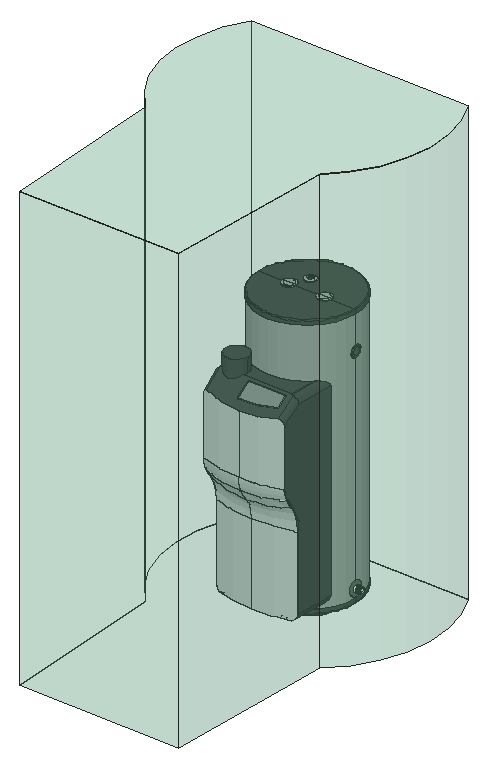
Revit family "Innovo NL_IR 32 380 NL LP", category Mechanical Equipment, Revit 2015
Parameters (values of type "IR-32-380 NL LP")
  Werkruimte Radius = Diameter + 170 mm  # 730 mm
  Werkruimte Hoogte = Hoogte + 1000 mm  # 2545 mm
  Werkruimte Afstand Voor = 1000 mm
  Werkruimte [instance] = yes
  Voorzorgsmaatregelen tijdens montage, installatie of onderhoud = "zie Gebruikers, Installatie, Service en Onderhouds handleiding"  # constant formula
  Voltage = 230 V  # constant formula
  Verpakkingslengte = 946 mm  # constant formula
  Verpakkingshoogte = 1695 mm
  Verpakkingsbreedte = 786 mm  # constant formula
  Uitsluitend werkend in daluren = no
  Type aanduiding = "IR-12-200"
  Transportgewicht = 122 kg
  Totaal Gewicht = 322 kg
  Stilstandsverlies - dagelijks (24u) = 0 W
  Stilstandsverlies = 0 W
  Standaard Afgesteld op = "G30/G31"
  Stand Regelthermostaat = 65 °C  # constant formula
  Soort Verpakking = "Karton en Hout"  # constant formula
  Slimme controlefunctie = no
  Setpoint thermostaat = 65 °C  # constant formula
  Seizoens Rendement (Hs) = [Rendement (Hs, vlgs. NEN-EN 89 - 1999)]  # 98
  Rendement (Hs, vlgs. NEN-EN 89 - 1999) = 98
  Rendement (Hi, vlgs. NEN-EN 89 - 1999) = 109
  Produktspecificaties Link = ""
  Produkthandleiding Link = ""
  Produkt Model Nummer (EAN-nummer) = "8717449283896"
  Onderhoudsinterval = "12 maanden"  # constant formula
  Nominale Belasting (Onderwaarde) = "12400.0/10900.0"
  Nominale Belasting (Bovenwaarde) = "13400.0/11800.0"
  Nominaal Vermogen = "13200.0/11600.0"
  NOx-uitstoot mg/kWh = "38.0/23.0"
  NOx-uitstoot (lucht vrij, 0% O2) ppm = "23.0/14.0"
  Min. Stand Regelthermostaat = 40 °C  # constant formula
  Max. Werkdruk = 800000.0 Pa
  Max. Stand Regelthermostaat = 85 °C  # constant formula
  Max. Rookgastemperatuur = 45 °C
  Ledig Gewicht = 106 kg
  Kraan Hoogte 02 = if(and(Hoogte = 1745 mm, Diameter = 675 mm), 1518 mm, if(and(Hoogte = 1745 mm, Diameter = 610 mm), 1534 mm, if(Hoogte = 1545 mm, 1328 mm, 1070 mm)))  # 1328 mm
  Kraan Hoogte 01 = if(and(Diameter > 560 mm), 693 mm, 604 mm)  # 604 mm
  Uitschakeldruk LDS < = 115.0 Pa
  URL = "www.aosmith.nl"
  Tapcapaciteit bij ΔT = 70°C  na 90 min. = 350.0 L
  Tapcapaciteit bij ΔT = 70°C  na 60 min. = 270.0 L
  Tapcapaciteit bij ΔT = 70°C  na 30 min. = 200.0 L
  Tapcapaciteit bij ΔT = 70°C  na 120 min. = 420.0 L
  Tapcapaciteit bij ΔT = 55°C  na 90 min. = 460.0 L
  Tapcapaciteit bij ΔT = 55°C  na 60 min. = 370.0 L
  Tapcapaciteit bij ΔT = 55°C  na 30 min. = 270.0 L
  Tapcapaciteit bij ΔT = 55°C  na 120 min. = 560.0 L
  Tapcapaciteit bij ΔT = 50°C  na 90 min. = 510.0 L
  Tapcapaciteit bij ΔT = 50°C  na 60 min. = 410.0 L
  Tapcapaciteit bij ΔT = 50°C  na 30 min. = 310.0 L
  Tapcapaciteit bij ΔT = 50°C na 120 min. = 610.0 L
  Tapcapaciteit bij ΔT = 44°C na 120 min. = 590.0 L
  Tapcapaciteit bij ΔT = 44°C  na 90 min. = 470.0 L
  Tapcapaciteit bij ΔT = 44°C  na 60 min. = 360.0 L
  Tapcapaciteit bij ΔT = 44°C  na 30 min. = 710.0 L
  Tapcapaciteit bij ΔT = 28°C na 90 min. = 950.0 L
  Tapcapaciteit bij ΔT = 28°C na 60 min. = 760.0 L
  Tapcapaciteit bij ΔT = 28°C na 30 min. = 580.0 L
  Tapcapaciteit bij ΔT = 28°C na 120 min. = 1200.0 L
  Tapcapaciteit Continu bij ΔT = 70°C = 150.0 L/s
  Tapcapaciteit Continu bij ΔT = 55°C = 190.0 L/s
  Tapcapaciteit Continu bij ΔT = 50°C = 210.0 L/s
  Tapcapaciteit Continu bij ΔT = 44°C = 240.0 L/s
  Tapcapaciteit Continu bij ΔT = 28°C = 370.0 L/s
  Opwarmtijd bij ΔT = 70°C = "65"
  Opwarmtijd bij ΔT = 55°C = "52"
  Opwarmtijd bij ΔT = 50°C = "47"
  Opwarmtijd bij ΔT = 44°C = "41"
  Opwarmtijd bij ΔT = 28°C = "27"
  Model = "IR-12-200 NL LP"
  Manufacturer = "A.O. Smith Water Products Company b.v."  # constant formula
  Length = 780 mm  # constant formula
  Jaarlijks elektriciteitsverbruik (2) = "-"
  Jaarlijks elektriciteitsverbruik (1) = "40 kWh"
  Jaarlijks brandstofverbruik (2) = "-"
  Jaarlijks brandstofverbruik (1) = "16 GJ GCV"
  Isolatiedikte = 50 mm
  Installatie Typen = "B23/C13/C33/C43/C53/C63"  # constant formula
  Inhoud = 200.0 L
  Hoogte Warm Water Uitlaat = 1545 mm
  Hoogte Rookgasafvoer = 1305 mm
  Hoogte Lucht Inlaat = 1305 mm
  Hoogte Koud Water Inlaat = 170 mm
  Hoogte Gas Aansluiting = 860 mm
  Hoogte = 1545 mm
  Handelsmerk = "A.O. Smith"  # constant formula
  Geluidsniveau dB (A) = "<45"  # constant formula
  Geluidsniveau binnen = "41 dB"
  Gasverbruik - Volume ltr/hr = "n.v.t."
  Gasverbruik - Massa kg/h = "1.00/0.80"
  Gascategorie = "II2EK3B/P"  # constant formula
  Gas Voordruk = 5000.0 Pa
  Gas Aansluiting = 15"  # constant formula
  Garrantie op Tank = "36 maanden"  # constant formula
  Garrantie op Onderdelen = "12 maanden"  # constant formula
  Frequentie = 50 Hz  # constant formula
  Fase = 1
  Fabrikantnummer = "E 7110"  # constant formula
  Energie-efficiëntieklasse voor waterverwarming (2) = "-"
  Energie-efficiëntieklasse voor waterverwarming (1) = "A"  # constant formula
  Energie-efficiëntie voor waterverwarming (2) = "-"
  Energie-efficiëntie voor waterverwarming (1) = "94%"
  Elektrisch Vermogen (piek) = 85 W
  Elektrisch Vermogen (nominaal) = 25 W
  Diameter Schoorsteen - parallel systeem = "2x80"  # constant formula
  Diameter Schoorsteen - concentrisch systeem = "80/125 mm/mm"  # constant formula
  Diameter Schoorsteen - boiler = "80/125 mm/mm"  # constant formula
  Diameter = 560 mm
  Description = "Condenserende Hoog Rendementsboiler"  # constant formula
  Created By = "http://www.cadcompany.nl/"
  Capaciteitsprofiel = "XL"
  CO2-uitstoot (tol. +/- 1.0) vol% = "11.8/10.0"
  CE-PIN = "0063CQ3037"  # constant formula
  Breedte = Diameter  # 560 mm
  Bestemming / Land = "Nederland"  # constant formula
  BIM Content Developer = "CAD & Company"  # constant formula
  Assembly Code = "D3010"
  Ander capaciteitsprofiel = "-"
  Aansluiting Warm Water = 3/4"
  Aansluiting T&P = 3/4"
  Aansluiting Koud Water = 3/4"  # constant formula
  Aansluiting Condensafvoer = 40 mm  # constant formula
  Aansluiting Aftapkraan = 3/4"  # constant formula
  2e Onderhoud (algeheel onderhoud) = "12 maanden na installatie"  # constant formula
  1e Onderhoud (check-up) = "3 maanden na installatie"  # constant formula
Reference planes
  plane 1 "Center (Front/Back)": y = 0
  plane 2: z = 0
  plane 3 "Center (Left/Right)": x = 0
  plane 4 "Pipe": through (-383.901, 912.349, 194.799) normal (-0.0879, -0.0879, 0.9923)
  plane 5 "footing": y = 118.925
  plane 6 "footing front": y = -237.85
  plane 7: x = -280
  plane 8: x = 280
  plane 9: z = 1545
Forms (mm)
  Revolve 1, solid, material "RAL 9005", detail levels medium+fine
    sketch origin (0, -237.85, 0) x (-1, 0, 0) y (0, 0, 1)
      loop
        line (0, 28.9) -> (-15, 28.9) -> (-15, 26.4) -> (-8.671, 26.4) -> (-8.671, 18) -> (-5.686, 18) -> (-6.626, 17.06) -> (-6.626, 12.06) -> (-8.671, 12.06) -> (-8.671, 10) -> (-10.031, 10) -> (-23.271, 5.181)
        arc (-23.271, 5.181) -> (-23.763, 4.836) -> (-24.017, 4.293) r 1.159
        line (-24.017, 4.293) -> (-24.017, 1.03)
        arc (-24.017, 1.03) -> (-23.715, 0.302) -> (-22.986, 0) r 1.03
        line (-22.986, 0) -> (0, 0) -> (0, 28.9)
      axis (0, 28.9) -> (0, 0)
    angle from 0 to 360
  Revolve 2, solid, material "RAL 9005", detail levels medium+fine
    sketch origin (0, 118.925, 0) x (-1, 0, 0) y (0, 0, 1)
      loop
        line (-180.984, 28.9) -> (-195.984, 28.9) -> (-195.984, 26.4) -> (-189.655, 26.4) -> (-189.655, 18) -> (-186.67, 18) -> (-187.61, 17.06) -> (-187.61, 12.06) -> (-189.655, 12.06) -> (-189.655, 10) -> (-191.015, 10) -> (-204.256, 5.181)
        arc (-204.256, 5.181) -> (-204.747, 4.836) -> (-205.001, 4.293) r 1.159
        line (-205.001, 4.293) -> (-205.001, 1.03)
        arc (-205.001, 1.03) -> (-204.699, 0.302) -> (-203.971, 0) r 1.03
        line (-203.971, 0) -> (-180.984, 0) -> (-180.984, 28.9)
      axis (-180.984, 28.9) -> (-180.984, 0)
    angle from 0 to 360
  Revolve 3, solid, material "RAL 9005", detail levels medium+fine
    sketch origin (0, 118.925, 0) x (-1, 0, 0) y (0, 0, 1)
      loop
        line (179.016, 28.9) -> (164.016, 28.9) -> (164.016, 26.4) -> (170.345, 26.4) -> (170.345, 18) -> (173.33, 18) -> (172.39, 17.06) -> (172.39, 12.06) -> (170.345, 12.06) -> (170.345, 10) -> (168.985, 10) -> (155.744, 5.181)
        arc (155.744, 5.181) -> (155.253, 4.836) -> (154.999, 4.293) r 1.159
        line (154.999, 4.293) -> (154.999, 1.03)
        arc (154.999, 1.03) -> (155.301, 0.302) -> (156.029, 0) r 1.03
        line (156.029, 0) -> (179.016, 0) -> (179.016, 28.9)
      axis (179.016, 28.9) -> (179.016, 0)
    angle from 0 to 360
Lines and regions (mm)
  symbolic lines
    curve 1: line (0, 280.06, 0) -> (0, -280.06, 0)
    curve 2: line (-255.06, 0, 0) -> (255.06, 0, 0)
  symbolic lines, style "Workspace"
    curve 3: line (623.261, 380.06, 0) -> (-623.261, 380.06, 0)
    curve 4: arc (-623.261, 380.06, 0) -> (-726.942, -66.745, 0) -> (-543.632, -487.2, 0) r 730
    curve 5: line (-543.632, -487.2, 0) -> (-396.783, -1492.825, 0)
    curve 6: line (-396.783, -1492.825, 0) -> (399.03, -1492.825, 0)
    curve 7: line (399.03, -1492.825, 0) -> (545.76, -484.816, 0)
    curve 8: arc (545.76, -484.816, 0) -> (727.087, -65.154, 0) -> (623.261, 380.06, 0) r 730
Dimensions and locks
  plane 5 "footing" to plane 1 "Center (Front/Back)" = 118.925 mm
  plane 1 "Center (Front/Back)" to plane 6 "footing front" = 237.85 mm
  "Diameter": plane 7 to plane 8
  equal spacing: plane 7, plane 3 "Center (Left/Right)", plane 8
  "Hoogte": plane 9 to plane 2
  "Werkruimte Afstand Voor": curve 6 to nested 3
  "Werkruimte Radius": radius of curve 4
  "Werkruimte Radius": radius of curve 8
  aligned and locked: level to plane 2
  aligned and locked: nested 3 to Revolve 1 sketch curve
  aligned and locked: plane 3 "Center (Left/Right)" to Revolve 1 sketch curve
  aligned and locked: nested 3 to plane 1 "Center (Front/Back)"
  aligned and locked: plane 3 "Center (Left/Right)" to nested 3
  aligned and locked: nested 1 to plane 8
  aligned and locked: nested 5 to plane 8
  aligned and locked: nested 2 to plane 7
  aligned and locked: nested 4 to plane 7
  aligned and locked: nested 7 to plane 7
  aligned and locked: nested 8 to plane 3 "Center (Left/Right)"
  aligned and locked: curve 3 to nested 8
  aligned and locked: nested 8 to nested 3
Automatic sketch dimensions
  Revolve 1 sketch curve to level = 0 mm
  plane 3 "Center (Left/Right)" to Revolve 1 sketch curve = 5.686 mm
  Revolve 1 sketch curve to Revolve 1 sketch curve = 0.94 mm  (x2)
  Revolve 1 sketch curve to Revolve 1 sketch curve = 2.046 mm  (x2)
  Revolve 1 sketch curve to Revolve 1 sketch curve = 1.359 mm
  Revolve 1 sketch curve to Revolve 1 sketch curve = 6.329 mm
  level to Revolve 1 sketch curve = 4.091 mm
  Revolve 1 sketch curve to Revolve 1 sketch curve = 12.844 mm
  level to Revolve 1 sketch curve = 1.03 mm
  Revolve 1 sketch curve to Revolve 1 sketch curve = 0.111 mm
  level to Revolve 1 sketch curve = 5.181 mm
  Revolve 1 sketch curve to Revolve 1 sketch curve = 0.745 mm
  level to Revolve 1 sketch curve = 10 mm
  Revolve 1 sketch curve to Revolve 1 sketch curve = 2.06 mm
  Revolve 1 sketch curve to Revolve 1 sketch curve = 5 mm
  Revolve 1 sketch curve to Revolve 1 sketch curve = 8.4 mm
  Revolve 1 sketch curve to Revolve 1 sketch curve = 2.5 mm
  Revolve 1 sketch curve to level = 19.635 mm
  Revolve 1 sketch curve to Revolve 1 sketch curve = 46.465 mm
  Revolve 2 sketch curve to level = 0 mm
  level to Revolve 2 sketch curve = 1.03 mm
  Revolve 2 sketch curve to plane 8 = 74.999 mm
  level to Revolve 2 sketch curve = 5.181 mm
  Revolve 2 sketch curve to Revolve 2 sketch curve = 0.745 mm
  Revolve 2 sketch curve to Revolve 2 sketch curve = 0.397 mm
  Revolve 2 sketch curve to Revolve 2 sketch curve = 8.271 mm
  Revolve 2 sketch curve to Revolve 2 sketch curve = 13.241 mm
  Revolve 2 sketch curve to Revolve 2 sketch curve = 1.359 mm
  Revolve 2 sketch curve to Revolve 2 sketch curve = 6.329 mm
  Revolve 2 sketch curve to Revolve 2 sketch curve = 2.046 mm
  level to Revolve 2 sketch curve = 18 mm
  Revolve 2 sketch curve to Revolve 2 sketch curve = 0.94 mm  (x2)
  Revolve 2 sketch curve to Revolve 2 sketch curve = 8.671 mm
  Revolve 2 sketch curve to Revolve 2 sketch curve = 1.089 mm
  Revolve 2 sketch curve to Revolve 2 sketch curve = 8 mm
  Revolve 2 sketch curve to Revolve 2 sketch curve = 2.06 mm
  Revolve 2 sketch curve to Revolve 2 sketch curve = 8.4 mm
  Revolve 2 sketch curve to Revolve 2 sketch curve = 2.5 mm
  Revolve 2 sketch curve to Revolve 2 sketch curve = 0 mm
  Revolve 2 sketch curve to level = 19.635 mm
  Revolve 2 sketch curve to Revolve 2 sketch curve = 46.465 mm
  Revolve 3 sketch curve to level = 0 mm
  level to Revolve 3 sketch curve = 1.03 mm
  Revolve 3 sketch curve to plane 7 = 125.001 mm
  level to Revolve 3 sketch curve = 5.181 mm
  Revolve 3 sketch curve to Revolve 3 sketch curve = 0.745 mm
  Revolve 3 sketch curve to Revolve 3 sketch curve = 0.397 mm
  Revolve 3 sketch curve to Revolve 3 sketch curve = 8.271 mm
  Revolve 3 sketch curve to Revolve 3 sketch curve = 13.241 mm
  Revolve 3 sketch curve to Revolve 3 sketch curve = 1.359 mm
  Revolve 3 sketch curve to Revolve 3 sketch curve = 6.329 mm
  Revolve 3 sketch curve to Revolve 3 sketch curve = 2.046 mm
  level to Revolve 3 sketch curve = 18 mm
  Revolve 3 sketch curve to Revolve 3 sketch curve = 0.94 mm  (x2)
  Revolve 3 sketch curve to Revolve 3 sketch curve = 8.671 mm
  Revolve 3 sketch curve to Revolve 3 sketch curve = 1.089 mm
  Revolve 3 sketch curve to Revolve 3 sketch curve = 8 mm
  Revolve 3 sketch curve to Revolve 3 sketch curve = 2.06 mm
  Revolve 3 sketch curve to Revolve 3 sketch curve = 8.4 mm
  Revolve 3 sketch curve to Revolve 3 sketch curve = 2.5 mm
  Revolve 3 sketch curve to Revolve 3 sketch curve = 0 mm
  Revolve 3 sketch curve to level = 19.635 mm
  Revolve 3 sketch curve to Revolve 3 sketch curve = 46.465 mm
  curve 4 to curve 8 = 0 mm  (x2)
  plane 1 "Center (Front/Back)" to curve 2 = 0 mm
  curve 1 to plane 3 "Center (Left/Right)" = 0 mm
  plane 1 "Center (Front/Back)" to curve 4 = 0 mm
  curve 4 to plane 3 "Center (Left/Right)" = 0 mm
  curve 5 to plane 6 "footing front" = 249.35 mm
  plane 7 to curve 5 = 116.783 mm
  plane 8 to curve 7 = 119.03 mm
  curve 7 to plane 6 "footing front" = 246.966 mm
  curve 2 to plane 7 = 24.94 mm
  curve 2 to plane 8 = 24.94 mm
  curve 1 to plane 6 "footing front" = 42.21 mm
  plane 5 "footing" to curve 1 = 161.135 mm
Nested families
  nested 1: "Valve" at (280, -0.38, 1328) x (0, 1, 0) z (0, 0, 1), built-in parameter 1001364 <- "Kraan Hoogte 02", type "Valve"
  nested 2: "Drain Valve" at (-280, 0, 1328), built-in parameter 1001364 <- "Kraan Hoogte 02", type "Drain Valve"
  nested 3: "Housing Mother Housing S 57 (external)" at (0, -274.886, 0), type "Housing Mother_Housing S_57"
  nested 4: "Drain Valve" at (-280, 0, 177), type "Drain Valve"
  nested 5: "Drain Valve" at (280, 0, 107) x (-1, 0, 0) z (0, 0, 1), type "Drain Valve"
  nested 6: "Boiler" at (0, 0, 0), height <- "Hoogte", type "Boiler"
    with height 1545 mm
  nested 7: "Drain Valve" at (-280, 0, 604), built-in parameter 1001364 <- "Kraan Hoogte 01", type "Drain Valve"
  nested 8: "Innovo_workspace" at (0, 0, 0), Workspace <- "Werkruimte", Workspace Distance Front <- "Werkruimte Afstand Voor", Workspace Height <- "Werkruimte Hoogte", Workspace Radius <- "Werkruimte Radius", type "Workspace"
    with Workspace Radius 730 mm, Workspace Height 2545 mm, Workspace Distance Front 1000 mm, Workspace yes, Center to Front 492.825 mm
Connectors
  piping at (314.826, 0, 107), diameter 19.05, driven by "Aansluiting Aftapkraan"
    settings: on nested 5, index 1, connector inside diameter 24", connector length 0 mm, flow factor 0, pipe flow 0.0 L/s, pressure drop 0.0 Pa, fitting loss kfactor 0, connector angle 0.00°, fixture units 0, engagement length 0 mm, angle of deflection 0.00°, flow configuration 0, flow direction 0, fitting loss method 0, system type 19, joint type 0, gender type 0, connector reference index -1, connector utility 0, adjustable connector no, is connector primary yes, connector description ""
  hvac at (-147.013, -321.326, 1310.674)
    settings: on nested 3, index 2, duct flow 0.0 L/s, flow factor 0, pres drop 0.0 Pa, loss coef 0, conn angle 0.00°, conn width 304.8 mm, conn height 304.8 mm, conn diameter 125 mm, duct sys type 4, conn prof type 0, flow config 0, flow direction 0, loss method 0, conn ref index -1, conn util no, is conn primary yes, conn desc ""
Definition of nested family "Valve"
  Parameters (values of type "Valve")
    Type Comments = "T&P valve (internal)"
    Manufacturer = "A.O. Smith"
  Reference planes
    plane 1 "Center (Front/Back)": y = 0
    plane 2: z = 0
    plane 3 "Center (Left/Right)": x = 0
  Forms (mm)
    Extrusion 1, solid, detail levels fine
      sketch origin (0, 0, 0) x (1, 0, 0) y (0, 0, 1)
        loop
          circle (0, 0) r 31.5
      from -2.271 to 1.4
    Sweep 2, solid, detail levels fine
      path origin (0, -1.4, 0) x (1, 0, 0) y (0, 0, 1)
        loop
          circle (0, 0) r 31.5
      profile origin (0, -1.4, 31.5) x (0, 0, -1) y (0, -1, 0)
        loop
          line (7.3, 0) -> (7.3, 3) -> (0, 0) -> (7.3, 0)
  Dimensions and locks
    aligned and locked: level to plane 2
Definition of nested family "Drain Valve"
  Reference planes
    plane 1 "Center (Front/Back)": y = 0
    plane 2: z = 0
    plane 3 "Center (Left/Right)": x = 0
  Forms (mm)
    Revolve 1, solid, detail levels medium+fine
      sketch origin (0, 0, 0) x (1, 0, 0) y (0, 0, 1)
        loop
          line (-33.442, 15.696) -> (-34.826, 14.329) -> (-34.93, 12.731) -> (-16.555, 12.731) -> (-16.555, 0) -> (15.787, 0) -> (15.787, 18.3) -> (-14.4, 18.3) -> (-17.148, 15.533) -> (-18.729, 16.697) -> (-20.091, 15.333) -> (-21.672, 16.496) -> (-23.034, 15.133) -> (-24.614, 16.296) -> (-25.976, 14.932) -> (-27.557, 16.096) -> (-28.919, 14.732) -> (-30.5, 15.896) -> (-31.862, 14.532) -> (-33.442, 15.696)
        axis (-34.93, 0) -> (15.787, 0)
      angle from 0 to 360
  Dimensions and locks
    aligned and locked: level to plane 2
  Nested families
    nested 1: "Rubber sealing" at (2.592, -0.155, 0) x (0.0023, -1, 0) z (0, 0, 1), type "Rubber sealing", detail levels fine
  Definition of nested family "Rubber sealing"
    Reference planes
      plane 1 "Center (Front/Back)": y = 0
      plane 2: z = 0
      plane 3 "Center (Left/Right)": x = 0
    Forms (mm)
      Extrusion 1, solid, detail levels fine
        sketch origin (141.861, 319.581, 0) x (1, 0, 0) y (0, 1, 0)
          loop
            line (-216.354, -311.898) -> (-216.354, -313.94)
            arc (-216.354, -313.94) -> (-141.602, -321.581) -> (-66.861, -313.835) r 366.966
            line (-66.861, -313.835) -> (-66.861, -311.791)
            arc (-66.861, -311.791) -> (-141.602, -319.581) -> (-216.354, -311.898) r 364.966
        from -80 to 80
      Extrusion 2, void
        sketch origin (141.861, 319.581, 0) x (1, 0, 0) y (0, 0, 1)
          loop
            circle (-141.861, 0) r 13
          loop
            circle (-141.861, 0) r 110
          loop
            circle (-141.861, 0) r 40
        from 311.563 to 332.684
      Extrusion 3, void
        sketch origin (141.861, 319.581, 0) x (1, 0, 0) y (0, 0, 1)
          loop
            circle (-141.861, 0) r 18.25
        from 315.524 to 326.084
    Cuts and joins
      Extrusion 2, Extrusion 3 cuts Extrusion 1
    Dimensions and locks
      aligned and locked: level to plane 2
Definition of nested family "Housing Mother Housing S 57 (external)"
  Parameters (values of type "Housing Mother_Housing S_57")
    radius [instance] = 280 mm
    distance to boiler center = if(diameter = 675 mm, 189 mm, if(diameter = 610 mm, 154 mm, 129 mm))  # 129 mm
    diameter = 560 mm
  Reference planes
    plane 1 "Center (Front/Back)": y = 0
    plane 2: z = 0
    plane 3 "Center (Left/Right)": x = 0
    plane 4 "left": through (-245.286, 145.886, 1200) normal (0.9994, 0.0349, 0)
    plane 5: y = -217.939
    plane 6: y = 145.886
    plane 7: z = 1232.6
    plane 8: z = 65.89
    plane 9 "right": through (245.286, 145.886, 1200) normal (0.9994, -0.0349, 0)
    plane 10 "display": through (0, -90.37, 1221.196) normal (0, -0.5736, 0.8192)
    plane 11 "Potentiostat": z = 867.899
    plane 12 "boiler center": y = 274.886
    plane 13: x = -280
    plane 14: x = 280
  Forms (mm)
    Extrusion 1, solid
      sketch origin (0, 0, 0) x (1, 0, 0) y (0, 1, 0)
        loop
          line (-245.286, 145.886) -> (-232.581, -217.939) -> (232.581, -217.939) -> (245.286, 145.886)
          arc (245.286, 145.886) -> (0, 0.923) -> (-245.286, 145.886) r 280
      from 0 to 1232.6
    Sweep 2, void
      path origin (0, 0, 0) x (0, 1, 0) y (0, 0, 1)
        loop
          line (-217.939, 1232.6) -> (-217.939, 795.555)
          arc (-217.939, 795.555) -> (-212.387, 754.285) -> (-197.694, 715.322) r 183.924
          arc (-197.694, 715.322) -> (-179.915, 684.628) -> (-159.106, 655.901) r 348.284
          arc (-159.106, 655.901) -> (-131.411, 600.328) -> (-121.88, 538.973) r 202.254
          line (-121.88, 538.973) -> (-121.88, 61.106)
      profile origin (0, -217.939, 1014.077) x (1, 0, 0) y (0, 1, 0)
        loop
          arc (0, 0) -> (-117.533, 9.941) -> (-231.728, 39.475) r 699.984
          arc (-231.728, 39.475) -> (-233.391, 40.705) -> (-234.07, 42.659) r 3.505
          line (-234.07, 42.659) -> (-254.062, 42.659) -> (-254.062, -142.593) -> (254.07, -142.593) -> (254.07, 42.659) -> (234.07, 42.659)
          arc (234.07, 42.659) -> (233.391, 40.705) -> (231.728, 39.475) r 3.505
          arc (231.728, 39.475) -> (117.533, 9.941) -> (0, 0) r 699.984
    Extrusion 3, void
      sketch origin (0, 0, 0) x (0, 1, 0) y (0, 0, 1)
        loop
          arc (102.864, 70.869) -> (99.804, 70.709) -> (96.874, 69.813) r 12.57
          arc (96.874, 69.813) -> (87.878, 66.533) -> (78.516, 64.529) r 69.114
          arc (78.516, 64.529) -> (76.41, 64.284) -> (74.294, 64.148) r 41.206
          arc (74.294, 64.148) -> (65.203, 64.335) -> (56.122, 64.782) r 318.661
          arc (56.122, 64.782) -> (30.585, 66.179) -> (5.028, 67.128) r 1456.581
          line (5.028, 67.128) -> (-84.534, 73.135)
          arc (-84.534, 73.135) -> (-86.363, 73.808) -> (-87.536, 75.365) r 3.455
          line (-87.536, 75.365) -> (-264.473, 75.365) -> (-264.473, 0) -> (160.886, 0) -> (160.886, 103.945) -> (145.886, 103.945)
          arc (145.886, 103.945) -> (145.104, 97.827) -> (142.923, 92.059) r 26.364
          arc (142.923, 92.059) -> (141.067, 88.936) -> (138.867, 86.045) r 31.715
          arc (138.867, 86.045) -> (135.576, 82.49) -> (132.021, 79.2) r 62.615
          arc (132.021, 79.2) -> (125.841, 74.697) -> (119.091, 71.103) r 54.444
          arc (119.091, 71.103) -> (116.371, 70.272) -> (113.531, 70.123) r 11.669
          line (113.531, 70.123) -> (102.864, 70.869)
      from -254.062 to 254.07
    Sweep 4, void
      path origin (0, 0, 0) x (1, 0, 0) y (0, 1, 0)
        loop
          line (-245.286, 145.886) -> (-232.581, -217.939)
      profile origin (-238.933, -36.027, 0) x (0.999391, 0.034899, 0) y (0, 0, 1)
        loop
          line (-4.454, 0) -> (47.084, 0) -> (47.084, 73.431)
          arc (47.084, 73.431) -> (14.222, 85.134) -> (0.255, 117.1) r 43.922
          line (0.255, 117.1) -> (-4.454, 117.1) -> (-4.454, 0)
    Sweep 5, void
      path origin (0, 0, 0) x (-1, 0, 0) y (0, 1, 0)
        loop
          line (-245.286, 145.886) -> (-232.581, -217.939)
      profile origin (238.933, -36.027, 0) x (0.999391, -0.034899, 0) y (0, 0, 1)
        loop
          line (4.454, 0) -> (4.454, 117.1) -> (-0.255, 117.1)
          arc (-0.255, 117.1) -> (-14.222, 85.134) -> (-47.084, 73.431) r 43.922
          line (-47.084, 73.431) -> (-47.084, 0) -> (4.454, 0)
    Sweep 6, void
      path origin (-239.899, -8.377, 0) x (-0.034899, 0.999391, 0) y (0, 0, 1)
        loop
          line (-209.69, 1141.272) -> (-79.18, 1232.6) -> (154.358, 1232.6)
      profile origin (-241.211, 29.188, 1232.6) x (0, 0, 1) y (0.999391, 0.034899, 0)
        loop
          line (-45, -30) -> (75, -30) -> (75, 0) -> (75, 55) -> (2.799, 55) -> (-1.253, 35.128)
          arc (-1.253, 35.128) -> (-16.771, 9.564) -> (-45, -0.308) r 44.287
          line (-45, -0.308) -> (-45, -30)
    Sweep 7, void
      path origin (239.899, -8.377, 0) x (0.034899, 0.999391, 0) y (0, 0, 1)
        loop
          line (-209.69, 1141.272) -> (-79.18, 1232.6) -> (154.358, 1232.6)
      profile origin (241.211, 29.188, 1232.6) x (0, 0, -1) y (-0.999391, 0.034899, 0)
        loop
          line (-75, -25) -> (45, -25) -> (45, -0.308)
          arc (45, -0.308) -> (16.771, 9.564) -> (1.253, 35.128) r 44.287
          line (1.253, 35.128) -> (-2.799, 55) -> (-75, 55) -> (-75, -25)
    Extrusion 8, void
      sketch origin (0, 0, 0) x (0, 1, 0) y (0, 0, 1)
        loop
          line (-270, 1336.099) -> (-270, 1099.081) -> (68.497, 1336.099) -> (-270, 1336.099)
      from -425.038 to 444.42
    Extrusion 9, solid, detail levels medium+fine
      sketch origin (0, 0, 0) x (1, 0, 0) y (0, 1, 0)
        loop
          circle (-147.013, -46.44) r 65
      from 1163.174 to 1310.674
    Extrusion 10, void
      sketch origin (0, -603.506, 861.895) x (0, 0.819152, 0.573576) y (-1, 0, 0)
        loop
          arc (618.322, -173) -> (623.272, -170.95) -> (625.322, -166) r 7
          line (625.322, -166) -> (625.322, 35)
          arc (625.322, 35) -> (623.272, 39.95) -> (618.322, 42) r 7
          line (618.322, 42) -> (535.473, 42)
          arc (535.473, 42) -> (530.688, 40.11) -> (528.488, 35.46) r 7
          arc (528.488, 35.46) -> (531.569, -67.592) -> (554.18, -168.18) r 540
          arc (554.18, -168.18) -> (556.724, -171.668) -> (560.831, -173) r 7
          line (560.831, -173) -> (618.322, -173)
      from 0 to 137.286
    Sweep 11, solid, detail levels fine
      path origin (0, 0, 867.899) x (-1, 0, 0) y (0, -1, 0)
        loop
          line (309.749, -35.617) -> (204.371, -35.617)
          arc (204.371, -35.617) -> (196.509, -34.687) -> (189.082, -31.947) r 33.677
          line (189.082, -31.947) -> (-9.574, 69.274)
      profile origin (-257.06, 35.617, 867.899) x (0, 1, 0) y (0, 0, 1)
        loop
          circle (0, 0) r 7.316
        loop
          circle (0, 0) r 6.465
    Revolve 12, void
      sketch origin (0, 274.886, 0) x (-1, 0, 0) y (0, 0, 1)
        loop
          line (280, 1243.838) -> (0, 1243.838) -> (0, 54.9) -> (280, 54.9) -> (280, 1243.838)
        axis (0, 1243.838) -> (0, 54.9)
      angle from 0 to 360
  Cuts and joins
    Sweep 2, Extrusion 3, Sweep 4, Sweep 5, Sweep 6, Sweep 7, Extrusion 8, Extrusion 10, Revolve 12 cuts Extrusion 1
  Dimensions and locks
    plane 8 to plane 2 = 65.89 mm
    plane 7 to plane 8 = 1166.71 mm
    "distance to boiler center": plane 12 "boiler center" to plane 6
    "diameter": plane 14 to plane 13
    equal spacing: plane 14, plane 3 "Center (Left/Right)", plane 13
    "radius": plane 3 "Center (Left/Right)" to plane 13
    aligned and locked: level to plane 2
    aligned and locked: Extrusion 1 to plane 7
    aligned and locked: Extrusion 1 sketch curve to plane 5
    aligned and locked: Sweep 2 to Extrusion 3
    aligned and locked: Extrusion 3 to Sweep 2  (x2)
    aligned and locked: plane 7 to Sweep 2 sketch curve
    aligned and locked: plane 3 "Center (Left/Right)" to Revolve 12 sketch curve
    aligned and locked: Revolve 12 sketch curve to plane 3 "Center (Left/Right)"
    aligned and locked: plane 13 to Revolve 12 sketch curve
  Automatic sketch dimensions
    Extrusion 1 sketch curve to plane 4 "left" = 0 mm  (x2)
    Extrusion 1 sketch curve to plane 6 = 0 mm  (x2)
    Extrusion 1 sketch curve to plane 3 "Center (Left/Right)" = 0 mm
    Extrusion 1 sketch curve to plane 9 "right" = 0 mm
    plane 6 to Extrusion 1 sketch curve = 135.037 mm
    Sweep 2 sketch curve to plane 5 = 0 mm
    plane 5 to Sweep 2 sketch curve = 106.195 mm
    Sweep 2 sketch curve to plane 5 = 96.059 mm
    plane 1 "Center (Front/Back)" to Sweep 2 sketch curve = 34.053 mm
    plane 11 "Potentiostat" to Sweep 2 sketch curve = 6.417 mm
    Sweep 2 sketch curve to plane 6 = 33.705 mm
    Sweep 2 sketch curve to plane 11 "Potentiostat" = 68.615 mm
    Sweep 2 sketch curve to plane 11 "Potentiostat" = 72.345 mm
    Sweep 2 sketch curve to Sweep 2 sketch curve = 176.349 mm
    Sweep 2 sketch curve to Sweep 2 sketch curve = 0 mm  (x2)
    plane 8 to Sweep 2 sketch curve = 4.784 mm
    Extrusion 3 sketch curve to level = 0 mm
    Extrusion 3 sketch curve to plane 6 = 0 mm
    Extrusion 3 sketch curve to plane 6 = 26.363 mm
    Extrusion 3 sketch curve to Extrusion 3 sketch curve = 4.75 mm
    Extrusion 3 sketch curve to Extrusion 3 sketch curve = 5.179 mm
    Extrusion 3 sketch curve to plane 8 = 4.232 mm
    Extrusion 3 sketch curve to Extrusion 3 sketch curve = 0.814 mm
    Extrusion 3 sketch curve to plane 8 = 4.978 mm
    Extrusion 3 sketch curve to Extrusion 3 sketch curve = 10.667 mm
    Extrusion 3 sketch curve to Extrusion 3 sketch curve = 0.877 mm
    Extrusion 3 sketch curve to Extrusion 3 sketch curve = 17.827 mm
    Extrusion 3 sketch curve to Extrusion 3 sketch curve = 5.646 mm
    Extrusion 3 sketch curve to plane 6 = 69.562 mm
    Extrusion 3 sketch curve to Extrusion 3 sketch curve = 18.6 mm
    Extrusion 3 sketch curve to Extrusion 3 sketch curve = 22.538 mm
    Extrusion 3 sketch curve to plane 8 = 1.238 mm
    Extrusion 3 sketch curve to plane 1 "Center (Front/Back)" = 5.028 mm
    plane 1 "Center (Front/Back)" to Extrusion 3 sketch curve = 36.224 mm
    Extrusion 3 sketch curve to plane 8 = 10.692 mm
    plane 1 "Center (Front/Back)" to Extrusion 3 sketch curve = 84.302 mm
    Extrusion 3 sketch curve to plane 8 = 7.244 mm
    Extrusion 3 sketch curve to Extrusion 3 sketch curve = 0.231 mm
    Extrusion 3 sketch curve to Extrusion 3 sketch curve = 3.234 mm
    plane 5 to Extrusion 3 sketch curve = 46.534 mm
    plane 6 to Extrusion 3 sketch curve = 15 mm
    Extrusion 3 sketch curve to level = 1388.869 mm
    plane 8 to Extrusion 3 sketch curve = 7.561 mm
    Extrusion 3 sketch curve to Extrusion 3 sketch curve = 11.64 mm
    Extrusion 3 sketch curve to plane 8 = 38.054 mm
    Extrusion 3 sketch curve to Extrusion 3 sketch curve = 22.442 mm
    Extrusion 3 sketch curve to plane 8 = 39.432 mm
    Extrusion 3 sketch curve to Extrusion 3 sketch curve = 2.466 mm
    Extrusion 3 sketch curve to Extrusion 3 sketch curve = 14.17 mm
    Extrusion 3 sketch curve to Extrusion 3 sketch curve = 5.925 mm
    Extrusion 3 sketch curve to Extrusion 3 sketch curve = 6.186 mm
    Extrusion 3 sketch curve to Extrusion 3 sketch curve = 249.85 mm
    Extrusion 3 sketch curve to Extrusion 3 sketch curve = 0 mm  (x4)
    Extrusion 3 sketch curve to Extrusion 3 sketch curve = 6.845 mm
    plane 8 to Extrusion 3 sketch curve = 1.743 mm
    Sweep 4 sketch curve to plane 4 "left" = 0 mm  (x2)
    Sweep 4 sketch curve to plane 6 = 0 mm
    plane 5 to Sweep 4 sketch curve = 0 mm
    Sweep 4 sketch curve to level = 0 mm
    profile plane to Sweep 4 sketch curve = 4.454 mm
    Sweep 4 sketch curve to profile plane = 0.255 mm
    Sweep 4 sketch curve to Sweep 4 sketch curve = 43.922 mm
    Sweep 4 sketch curve to profile plane = 47.084 mm
    level to Sweep 4 sketch curve = 73.431 mm
    Sweep 4 sketch curve to Sweep 4 sketch curve = 43.669 mm
    Sweep 5 sketch curve to plane 6 = 0 mm
    Sweep 5 sketch curve to plane 9 "right" = 0 mm  (x2)
    plane 5 to Sweep 5 sketch curve = 0 mm
    Sweep 5 sketch curve to level = 0 mm
    profile plane to Sweep 5 sketch curve = 47.084 mm
    Sweep 5 sketch curve to Sweep 5 sketch curve = 2.907 mm
    profile plane to Sweep 5 sketch curve = 0.255 mm
    Sweep 5 sketch curve to profile plane = 4.454 mm
    level to Sweep 5 sketch curve = 73.431 mm
    Sweep 5 sketch curve to Sweep 5 sketch curve = 43.669 mm
    Sweep 6 sketch curve to plane 7 = 0 mm
    plane 7 to Sweep 6 sketch curve = 91.328 mm
    Sweep 6 sketch curve to Sweep 6 sketch curve = 130.509 mm
    Sweep 6 sketch curve to Sweep 6 sketch curve = 233.538 mm
    Sweep 6 sketch curve to plane 4 "left" = 0 mm
    profile plane to Sweep 6 sketch curve = 45 mm
    Sweep 6 sketch curve to Sweep 6 sketch curve = 0.354 mm
    profile plane to Sweep 6 sketch curve = 1.253 mm
    Sweep 6 sketch curve to profile plane = 2.799 mm
    Sweep 6 sketch curve to Sweep 6 sketch curve = 72.201 mm
    Sweep 6 sketch curve to plane 4 "left" = 0.308 mm
    Sweep 6 sketch curve to Sweep 6 sketch curve = 29.692 mm
    plane 4 "left" to Sweep 6 sketch curve = 35.128 mm
    plane 4 "left" to Sweep 6 sketch curve = 55 mm
    Sweep 7 sketch curve to plane 7 = 0 mm
    Sweep 7 sketch curve to plane 7 = 91.328 mm
    Sweep 7 sketch curve to Sweep 7 sketch curve = 130.509 mm
    Sweep 7 sketch curve to Sweep 7 sketch curve = 233.538 mm
    Sweep 7 sketch curve to plane 9 "right" = 25 mm
    profile plane to Sweep 7 sketch curve = 75 mm
    profile plane to Sweep 7 sketch curve = 2.799 mm
    Sweep 7 sketch curve to profile plane = 1.253 mm
    Sweep 7 sketch curve to Sweep 7 sketch curve = 43.393 mm
    Sweep 7 sketch curve to profile plane = 45 mm
    Sweep 7 sketch curve to plane 9 "right" = 0.308 mm
    plane 9 "right" to Sweep 7 sketch curve = 35.128 mm
    Sweep 7 sketch curve to Sweep 7 sketch curve = 19.872 mm
    plane 5 to Extrusion 8 sketch curve = 52.061 mm
    Extrusion 8 sketch curve to plane 1 "Center (Front/Back)" = 68.497 mm
    plane 7 to Extrusion 8 sketch curve = 133.519 mm
    Extrusion 8 sketch curve to plane 7 = 103.499 mm
    plane 1 "Center (Front/Back)" to Extrusion 9 sketch curve = 46.44 mm
    Extrusion 9 sketch curve to plane 3 "Center (Left/Right)" = 147.013 mm
    Extrusion 10 sketch curve to plane 3 "Center (Left/Right)" = 0 mm
    Extrusion 10 sketch curve to plane 3 "Center (Left/Right)" = 35 mm
    Extrusion 10 sketch curve to Extrusion 10 sketch curve = 25.359 mm
    Extrusion 10 sketch curve to Extrusion 10 sketch curve = 57.491 mm
    Extrusion 10 sketch curve to plane 3 "Center (Left/Right)" = 42 mm
    Extrusion 10 sketch curve to Extrusion 10 sketch curve = 82.85 mm
    Extrusion 10 sketch curve to Extrusion 10 sketch curve = 7 mm
    Extrusion 10 sketch curve to Extrusion 10 sketch curve = 442 mm
    plane 3 "Center (Left/Right)" to Extrusion 10 sketch curve = 166 mm
    Extrusion 10 sketch curve to Extrusion 10 sketch curve = 0 mm  (x2)
    Sweep 11 sketch curve to plane 1 "Center (Front/Back)" = 31.947 mm
    Sweep 11 sketch curve to plane 3 "Center (Left/Right)" = 189.082 mm
    Sweep 11 sketch curve to plane 1 "Center (Front/Back)" = 1.94 mm
    Sweep 11 sketch curve to Sweep 11 sketch curve = 15.289 mm
    plane 3 "Center (Left/Right)" to Sweep 11 sketch curve = 9.574 mm
    Sweep 11 sketch curve to Sweep 11 sketch curve = 105.378 mm
    plane 1 "Center (Front/Back)" to Sweep 11 sketch curve = 69.274 mm
    Sweep 11 sketch curve to Sweep 11 sketch curve = 0 mm  (x2)
    Sweep 11 sketch curve to plane 11 "Potentiostat" = 0 mm
    Sweep 11 sketch curve to profile plane = 0 mm
    plane 8 to Revolve 12 sketch curve = 10.99 mm
    Revolve 12 sketch curve to plane 7 = 11.238 mm
    Revolve 12 sketch curve to level = 366.045 mm
    Revolve 12 sketch curve to Revolve 12 sketch curve = 971.917 mm
    Sweep 2 sketch curve to plane 3 "Center (Left/Right)" = 0 mm
    profile plane to Sweep 2 sketch curve = 0 mm
    Sweep 2 sketch curve to plane 3 "Center (Left/Right)" = 0.016 mm
    Sweep 2 sketch curve to profile plane = 42.782 mm  (x2)
    Sweep 2 sketch curve to plane 3 "Center (Left/Right)" = 230.568 mm
    plane 3 "Center (Left/Right)" to Sweep 2 sketch curve = 0.016 mm
    plane 3 "Center (Left/Right)" to Sweep 2 sketch curve = 230.568 mm
    Sweep 2 sketch curve to Sweep 2 sketch curve = 3.502 mm  (x2)
    Sweep 2 sketch curve to Sweep 2 sketch curve = 20 mm
    profile plane to Sweep 2 sketch curve = 142.593 mm
    Sweep 2 sketch curve to Sweep 2 sketch curve = 0.122 mm  (x2)
    Sweep 2 sketch curve to Sweep 2 sketch curve = 657.203 mm
    Sweep 2 sketch curve to Sweep 2 sketch curve = 19.991 mm
    radius of Extrusion 9 sketch curve = 65 mm
    radius of Sweep 11 sketch curve = 7.316 mm
    radius of Sweep 11 sketch curve = 6.465 mm
  Nested families
    nested 1: "display" at (65.5, -130.939, 1192.79) x (-1, 0, 0) z (0, -0.5736, 0.8192), type "display"
  Definition of nested family "display"
    Parameters (values of type "display")
      Default Elevation = 1219.2 mm
    Reference planes
      plane 1 "Center (Front/Back)": y = 0
      plane 2: z = 0
      plane 3 "Center (Left/Right)": x = 0
    Forms (mm)
      Extrusion 1, solid, detail levels medium+fine
        sketch origin (-16.958, 11.842, -343.878) x (1, 0, 0) y (0, 0, -1)
          loop
            line (-233.523, -343.878) -> (-233.523, -346.592) -> (332.686, -346.592) -> (332.686, -343.878) -> (-233.523, -343.878)
        from -228.7 to 150.822
      Extrusion 2, void
        sketch origin (-16.958, 6.842, -343.878) x (1, 0, 0) y (0, 1, 0)
          loop
            line (-233.523, 155.822) -> (-233.523, -223.7) -> (332.686, -223.7) -> (332.686, 155.822) -> (-233.523, 155.822)
          loop
            arc (-90.542, -48.267) -> (-88.492, -53.216) -> (-83.542, -55.267) r 7
            line (-83.542, -55.267) -> (117.458, -55.267)
            arc (117.458, -55.267) -> (122.408, -53.216) -> (124.458, -48.267) r 7
            line (124.458, -48.267) -> (124.458, 34.583)
            arc (124.458, 34.583) -> (122.568, 39.368) -> (117.918, 41.568) r 7
            arc (117.918, 41.568) -> (14.866, 38.487) -> (-85.722, 15.876) r 540
            arc (-85.722, 15.876) -> (-89.21, 13.332) -> (-90.542, 9.224) r 7
            line (-90.542, 9.224) -> (-90.542, -48.267)
        from 328.878 to 363.083
    Cuts and joins
      Extrusion 2 cuts Extrusion 1
    Dimensions and locks
      aligned and locked: level to plane 2
Definition of nested family "Boiler"
  Parameters (values of type "Boiler")
    radius [instance] = 280 mm
    height [instance] = 1270 mm
    Diameter = 560 mm
  Reference planes
    plane 1 "Center (Front/Back)": y = 0
    plane 2: z = 0
    plane 3 "Center (Left/Right)": x = 0
    plane 4: z = 1243.838
    plane 5: z = 1270
    plane 6 "bottom": z = 28.9
    plane 7: z = 54.9
    plane 8 "top controle": y = 88
    plane 9: x = -280
    plane 10: x = 280
  Forms (mm)
    Revolve 1, solid
      sketch origin (0, 0, 0) x (1, 0, 0) y (0, 0, 1)
        loop
          line (0, 54.9) -> (-280, 54.9) -> (-280, 32.9)
          arc (-280, 32.9) -> (-278.828, 30.072) -> (-276, 28.9) r 4
          line (-276, 28.9) -> (0, 28.9) -> (0, 54.9)
        axis (0, 28.9) -> (0, 54.9)
      angle from 0 to 360
    Revolve 2, solid
      sketch origin (1.311, 0, 0) x (1, 0, 0) y (0, 0, 1)
        loop
          line (-278.86, 1243.838) -> (-278.86, 54.9) -> (-1.311, 54.9) -> (-1.311, 1243.838) -> (-278.86, 1243.838)
        axis (-1.311, 1243.838) -> (-1.311, 54.9)
      angle from 0 to 360
    Revolve 3, solid
      sketch origin (-9.205, 0, 377.212) x (-1, 0, 0) y (0, 0, 1)
        loop
          line (-148.904, 892.788) -> (-110.805, 892.788) -> (-110.805, 895.963) -> (-141.883, 895.963) -> (-148.904, 893.62) -> (-148.904, 892.788)
        axis (-110.805, 892.788) -> (-110.805, 895.963)
      angle from 0 to 360
    Revolve 4, solid
      sketch origin (0, 0, 718.065) x (1, 0, 0) y (0, 0, -1)
        loop
          line (0, -525.773) -> (-280, -525.773) -> (-280, -547.935)
          arc (-280, -547.935) -> (-278.828, -550.763) -> (-276, -551.935) r 4
          line (-276, -551.935) -> (0, -551.935) -> (0, -525.773)
        axis (0, -551.935) -> (0, -525.773)
      angle from 0 to 360
    Revolve 5, solid
      sketch origin (0, 88, 0) x (1, 0, 0) y (0, 0, 1)
        loop
          line (-19.051, 1270) -> (-19.051, 1271.074) -> (-32.63, 1275.604) -> (-32.63, 1271.117) -> (-37.266, 1271.117) -> (-38.383, 1270) -> (-19.051, 1270)
        axis (-50.8, 1270) -> (-50.8, 1275.604)
      angle from 0 to 360
    Revolve 6, solid
      sketch origin (-217.12, 0, 372.245) x (-1, 0, 0) y (0, 0, 1)
        loop
          line (-153.622, 897.755) -> (-115.52, 897.755) -> (-115.52, 900.93) -> (-146.626, 900.93) -> (-153.622, 898.596) -> (-153.622, 897.755)
        axis (-115.52, 897.755) -> (-115.52, 900.93)
      angle from 0 to 360
  Dimensions and locks
    "height": plane 5 to plane 2
    plane 6 "bottom" to plane 2 = 28.9 mm
    locked: plane 5 to plane 4 at 26.162
    locked: plane 1 "Center (Front/Back)" to plane 8 "top controle" at 88
    "Diameter": plane 10 to plane 9
    equal spacing: plane 10, plane 3 "Center (Left/Right)", plane 9
    "radius": plane 3 "Center (Left/Right)" to plane 9
    locked: plane 9 to Revolve 2 sketch curve at 2.452
    aligned and locked: level to plane 2
    aligned and locked: Revolve 2 sketch curve to plane 7
    aligned and locked: Revolve 2 sketch curve to plane 4
    aligned and locked: Revolve 1 sketch curve to plane 7
    aligned and locked: plane 6 "bottom" to Revolve 1 sketch curve
    aligned and locked: Revolve 4 sketch curve to plane 3 "Center (Left/Right)"
    aligned and locked: plane 5 to Revolve 4 sketch curve
    aligned and locked: Revolve 4 sketch curve to plane 4
    aligned and locked: plane 9 to Revolve 4 sketch curve
    aligned and locked: Revolve 1 sketch curve to plane 9
    aligned and locked: Revolve 2 sketch curve to plane 3 "Center (Left/Right)"
    aligned and locked: plane 3 "Center (Left/Right)" to Revolve 2 sketch curve
  Automatic sketch dimensions
    Revolve 1 sketch curve to plane 3 "Center (Left/Right)" = 0 mm  (x2)
    Revolve 1 sketch curve to Revolve 1 sketch curve = 4 mm
    Revolve 1 sketch curve to level = 40 mm
    Revolve 1 sketch curve to Revolve 1 sketch curve = 305.1 mm
    Revolve 2 sketch curve to level = 366.045 mm
    Revolve 2 sketch curve to plane 5 = 945.755 mm
    Revolve 3 sketch curve to plane 5 = 0 mm
    Revolve 3 sketch curve to plane 3 "Center (Left/Right)" = 139.699 mm
    plane 5 to Revolve 3 sketch curve = 3.175 mm
    Revolve 3 sketch curve to Revolve 3 sketch curve = 7.022 mm
    Revolve 3 sketch curve to Revolve 3 sketch curve = 31.078 mm
    Revolve 3 sketch curve to Revolve 3 sketch curve = 0.832 mm
    Revolve 3 sketch curve to Revolve 3 sketch curve = 0 mm
    Revolve 3 sketch curve to Revolve 3 sketch curve = 2.338 mm
    Revolve 3 sketch curve to Revolve 3 sketch curve = 4.487 mm
    Revolve 4 sketch curve to plane 3 "Center (Left/Right)" = 0 mm
    Revolve 4 sketch curve to Revolve 4 sketch curve = 4 mm
    Revolve 4 sketch curve to Revolve 4 sketch curve = 68.738 mm
    Revolve 4 sketch curve to Revolve 4 sketch curve = 305.1 mm
    Revolve 6 sketch curve to plane 5 = 0 mm
    plane 3 "Center (Left/Right)" to Revolve 6 sketch curve = 63.497 mm
    plane 5 to Revolve 6 sketch curve = 3.175 mm
    Revolve 6 sketch curve to Revolve 6 sketch curve = 6.997 mm
    Revolve 6 sketch curve to Revolve 6 sketch curve = 31.106 mm
    Revolve 6 sketch curve to Revolve 6 sketch curve = 0.84 mm
    Revolve 6 sketch curve to Revolve 6 sketch curve = 0 mm
    Revolve 6 sketch curve to Revolve 6 sketch curve = 7.216 mm
    Revolve 6 sketch curve to Revolve 6 sketch curve = 0.391 mm
    Revolve 5 sketch curve to Revolve 5 sketch curve = 13.578 mm
    Revolve 5 sketch curve to Revolve 5 sketch curve = 1.074 mm
    Revolve 5 sketch curve to Revolve 5 sketch curve = 12.417 mm
    Revolve 5 sketch curve to Revolve 5 sketch curve = 5.753 mm
    Revolve 5 sketch curve to plane 5 = 1.117 mm
    Revolve 5 sketch curve to Revolve 5 sketch curve = 1.117 mm
    plane 5 to Revolve 5 sketch curve = 4.396 mm
    Revolve 5 sketch curve to plane 5 = 0 mm
    Revolve 5 sketch curve to Revolve 5 sketch curve = 4.487 mm
    Revolve 5 sketch curve to plane 3 "Center (Left/Right)" = 38.383 mm
    Revolve 5 sketch curve to plane 5 = 5.604 mm
Definition of nested family "Innovo_workspace"
  Parameters (values of type "Workspace")
    Workspace Radius [instance] = 730 mm
    Workspace Height [instance] = 2270 mm
    Workspace Distance Front [instance] = 1000 mm
    Workspace [instance] = yes
    URL = "www.aosmith.nl"
    Model = ""
    Manufacturer = "A.O. Smith Water Products Company b.v."  # constant formula
    Description = ""
    Created By = ""
    Center to Front [instance] = 492.825 mm
    BIM Content Developer = "CAD & Company"  # constant formula
    Assembly Code = ""
  Reference planes
    plane 1 "Center (Front/Back)": y = 0
    plane 2: z = 0
    plane 3 "Center (Left/Right)": x = 0
    plane 4 "Pipe": through (-383.901, 912.349, 194.799) normal (-0.0879, -0.0879, 0.9923)
    plane 5 "front": y = -492.825
  Forms (mm)
    Extrusion 1, solid, visible <- "Workspace"
      sketch origin (0, 0, 0) x (1, 0, 0) y (0, 1, 0)
        loop
          line (456.53, -1492.825) -> (500.201, -531.695)
          arc (500.201, -531.695) -> (723.44, -97.643) -> (623.261, 380.06) r 730
          line (623.261, 380.06) -> (-623.261, 380.06)
          arc (-623.261, 380.06) -> (-723.227, -99.209) -> (-497.893, -533.856) r 730
          line (-497.893, -533.856) -> (-454.283, -1492.825) -> (456.53, -1492.825)
      from 0 to 2270 <- "Workspace Height"
  Lines and regions (mm)
    symbolic lines
      curve 1: line (0, 280.06, 0) -> (0, -280.06, 0)
      curve 2: line (-255.06, 0, 0) -> (255.06, 0, 0)
  Dimensions and locks
    locked: Extrusion 1 sketch curve to curve 1 at 100
    "Workspace Distance Front": plane 5 "front" to Extrusion 1
    "Center to Front": plane 1 "Center (Front/Back)" to plane 5 "front"
    "Workspace Radius": radius of Extrusion 1 sketch curve  (x2)
    aligned and locked: level to plane 2
  Automatic sketch dimensions
    plane 1 "Center (Front/Back)" to curve 2 = 0 mm
    curve 1 to plane 3 "Center (Left/Right)" = 0 mm
    plane 3 "Center (Left/Right)" to curve 2 = 255.06 mm
    curve 1 to plane 1 "Center (Front/Back)" = 280.06 mm
    curve 2 to plane 3 "Center (Left/Right)" = 255.06 mm
    plane 5 "front" to curve 1 = 212.765 mm
    Extrusion 1 sketch curve to Extrusion 1 sketch curve = 0 mm  (x2)
    plane 1 "Center (Front/Back)" to Extrusion 1 sketch curve = 0 mm
    Extrusion 1 sketch curve to plane 3 "Center (Left/Right)" = 0 mm
    Extrusion 1 sketch curve to plane 5 "front" = 41.031 mm
    Extrusion 1 sketch curve to plane 3 "Center (Left/Right)" = 454.283 mm
    plane 3 "Center (Left/Right)" to Extrusion 1 sketch curve = 456.53 mm
    Extrusion 1 sketch curve to plane 5 "front" = 38.869 mm
    Extrusion 1 sketch curve to Extrusion 1 sketch curve = 961.131 mm
